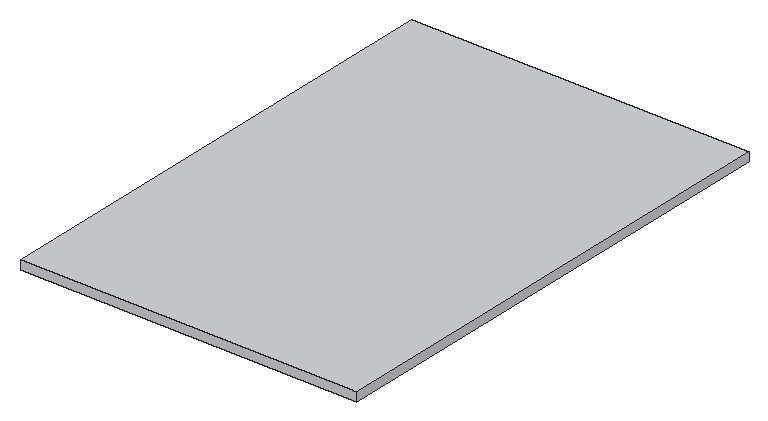
Revit family "23.VIRAJ 25 Pendant v2", category Air Terminals, host Face, Revit 2020
Family settings
  Host = Face
  Round Connector Dimension = Use Diameter
  Part Type = Normal
  OmniClass Number = 23.75.70.21.27.11
  OmniClass Title = Diffusers, Registers, and Grilles
  Cut with Voids When Loaded = No
  Shared = No
  Room Calculation Point = No
Parameters (values of type "Standard")
  Width 5 = Diffuser Half Width + 32 mm  # 73.5 mm
  Width 4 = Diffuser Half Width / 4  # 10.375 mm
  Width 3 = Diffuser Half Width / 3  # 13.833 mm
  Width 2 = Diffuser Half Width / 2  # 20.75 mm
  Width 1 = Diffuser Width / 2 + 12.5 mm  # 54 mm
  Slot Width = 25 mm
  Slot Number = 2
  Radius = (Duct Height / 2) - 1.5 mm  # 73.5 mm
  Pressure Drop [instance] = 18.0 Pa
  Duct Height = 150 mm
  Duct Width = 200 mm
  Length 1 = Diffuser Length / 2 + 12.5 mm  # 622 mm
  Flow [instance] = 57.0 L/s
  Diffuser material = none
  Diffuser Half Length = Diffuser Length * 1 / 2  # 609.5 mm
  Diffuser Width = 83 mm
  Diffuser Length = 1219 mm
  Diffuser Half Width = Diffuser Width * 1 / 2  # 41.5 mm
  Default Elevation = 1200 mm
  Assembly Code = ""
  Slot Visibility 4 = Slot Number = 4  # no
  Slot Visibility 3 = Slot Number = 3  # no
  Slot Visibility 2 = Slot Number = 2  # yes
  Slot Visibility 1 = Slot Number = 1  # no
Reference planes
  plane 1 "Centre (Front/Back)": y = 0
  plane 2: z = 0
  plane 3 "Centre (Left/Right)": x = 0
  plane 4: y = -41.5
  plane 5: y = -54
  plane 6: y = 54
  plane 7: y = 41.5
  plane 8: x = -609.5
  plane 9: x = 622
  plane 10: x = 609.5
  plane 11: x = -622
  plane 12 "top surface": z = 3.175
  plane 13: z = -279.4
  plane 14: z = -234.95
  plane 15: z = -159.95
  plane 16: y = -73.5
  plane 17: y = 20.75
  plane 18: y = -20.75
  plane 19: y = 27.667
  plane 20: y = -27.667
  plane 21: y = 10.375
  plane 22: y = 31.125
  plane 23: y = -10.375
  plane 24: y = -31.125
  plane 25: z = -158.45
  plane 26: z = -161.45
  plane 27: z = -84.95
  plane 28: x = -100
  plane 29: x = 100
  plane 30: x = -26.5
  plane 31: x = 26.5
  plane 32 "Centre (Left/Right)": x = 0
  plane 33: y = -54
  plane 34: y = 54
  plane 35: x = 26.5
Forms (mm)
  Extrusion 1, solid
    sketch origin (-322.134, 0, 0) x (1, 0, 0) y (0, 1, 0)
      loop
        line (-607.214, 1940.297) -> (-607.214, -885.456) -> (1333.965, -885.456) -> (1333.965, 1940.297) -> (-607.214, 1940.297)
    from -252.071 to -304.8
  Extrusion 2, solid, material "Light"
    sketch origin (88.858, 614, -376.447) x (1, 0, 0) y (0, 1, 0)
      loop
        line (-77.573, -666.121) -> (-59.897, -666.121) -> (-59.897, 526.479) -> (-77.573, 526.479) -> (-77.573, -666.121)
    from -513.282 to -515.431
  Extrusion 3, solid, material "Light", not visible
    sketch origin (88.858, 614, -376.447) x (1, 0, 0) y (0, 1, 0)
      loop
        line (-77.573, -666.121) -> (-59.897, -666.121) -> (-59.897, 526.479) -> (-77.573, 526.479) -> (-77.573, -666.121)
    from -513.282 to -515.431
Lines and regions (mm)
  symbolic lines, visible <- "Slot Visibility 1", detail levels fine
    curve 1: line (-609.5, 0, 0) -> (609.5, 0, 0)
  symbolic lines, visible <- "Slot Visibility 3", detail levels fine
    curve 2: line (-609.5, 0, 0) -> (609.5, 0, 0)
    curve 7: line (-609.5, 27.667, 0) -> (609.5, 27.667, 0)
    curve 8: line (-609.5, -27.667, 0) -> (609.5, -27.667, 0)
  symbolic lines, visible <- "Slot Visibility 4", detail levels fine
    curve 3: line (-609.5, 10.375, 0) -> (609.5, 10.375, 0)
    curve 4: line (-609.5, -10.375, 0) -> (609.5, -10.375, 0)
    curve 9: line (-609.5, 31.125, 0) -> (609.5, 31.125, 0)
    curve 10: line (-609.5, -31.125, 0) -> (609.5, -31.125, 0)
  symbolic lines, visible <- "Slot Visibility 2", detail levels fine
    curve 5: line (-609.5, 20.75, 0) -> (609.5, 20.75, 0)
    curve 6: line (-609.5, -20.75, 0) -> (609.5, -20.75, 0)
  symbolic lines
    curve 11: line (-622, 54, 0) -> (622, 54, 0)
    curve 12: line (-622, -54, 0) -> (-622, 54, 0)
    curve 13: line (622, -54, 0) -> (-622, -54, 0)
    curve 14: line (622, 54, 0) -> (622, -54, 0)
  symbolic lines, detail levels fine
    curve 15: line (-609.5, 41.5, 0) -> (609.5, 41.5, 0)
    curve 16: line (-609.5, -41.5, 0) -> (-609.5, 41.5, 0)
    curve 17: line (609.5, -41.5, 0) -> (-609.5, -41.5, 0)
    curve 18: line (609.5, 41.5, 0) -> (609.5, -41.5, 0)
Dimensions and locks
  locked: level to plane 12 "top surface" at 3.175
  locked: level to plane 13 at 279.4
  locked: plane 14 to plane 13 at 44.45
  "Length 1": plane 3 "Centre (Left/Right)" to plane 9
  "Length 1": plane 11 to plane 3 "Centre (Left/Right)"
  "Width 1": plane 6 to plane 1 "Centre (Front/Back)"
  "Width 1": plane 5 to plane 1 "Centre (Front/Back)"
  "Diffuser Half Length": plane 8 to plane 3 "Centre (Left/Right)"
  "Diffuser Half Length": plane 3 "Centre (Left/Right)" to plane 10
  "Diffuser Half Width": plane 1 "Centre (Front/Back)" to plane 7
  "Diffuser Half Width": plane 4 to plane 1 "Centre (Front/Back)"
  "Width 2": plane 1 "Centre (Front/Back)" to plane 17
  "Width 2": plane 18 to plane 1 "Centre (Front/Back)"
  "Width 3": plane 19 to plane 7
  "Width 3": plane 20 to plane 4
  "Width 4": plane 21 to plane 1 "Centre (Front/Back)"
  "Width 4": plane 22 to plane 7
  "Width 4": plane 23 to plane 1 "Centre (Front/Back)"
  "Width 4": plane 24 to plane 4
  "Width 5": plane 16 to plane 1 "Centre (Front/Back)"
  plane 25 to plane 26 = 3 mm
  equal spacing: plane 25, plane 15, plane 26
  "Duct Height": plane 27 to plane 14
  equal spacing: plane 27, plane 15, plane 14
  "Duct Width": plane 29 to plane 28
  equal spacing: plane 29, plane 3 "Centre (Left/Right)", plane 28
  "Radius": plane 30 to plane 28
  "Radius": plane 29 to plane 31
Automatic sketch dimensions
  Extrusion 1 sketch curve to Extrusion 1 sketch curve = 1941.179 mm
  Extrusion 1 sketch curve to Extrusion 1 sketch curve = 2825.752 mm
  curve 11 to plane 6 = 0 mm
  curve 11 to plane 11 = 0 mm
  curve 3 to plane 8 = 0 mm
  curve 9 to plane 10 = 0 mm
  plane 5 to curve 13 = 0 mm
  curve 13 to plane 9 = 0 mm
  curve 16 to plane 4 = 0 mm
  plane 24 to curve 10 = 0 mm
  curve 8 to plane 20 = 0 mm
  plane 18 to curve 6 = 0 mm
  plane 23 to curve 4 = 0 mm
  plane 1 "Centre (Front/Back)" to curve 2 = 0 mm
  plane 1 "Centre (Front/Back)" to curve 1 = 0 mm
  curve 3 to plane 21 = 0 mm
  plane 17 to curve 5 = 0 mm
  curve 7 to plane 19 = 0 mm
  curve 9 to plane 22 = 0 mm
  plane 7 to curve 15 = 0 mm
  Extrusion 2 sketch curve to Extrusion 2 sketch curve = 17.676 mm
  Extrusion 2 sketch curve to Extrusion 2 sketch curve = 1192.6 mm
  Extrusion 3 sketch curve to Extrusion 3 sketch curve = 17.676 mm
  Extrusion 3 sketch curve to Extrusion 3 sketch curve = 1192.6 mm
